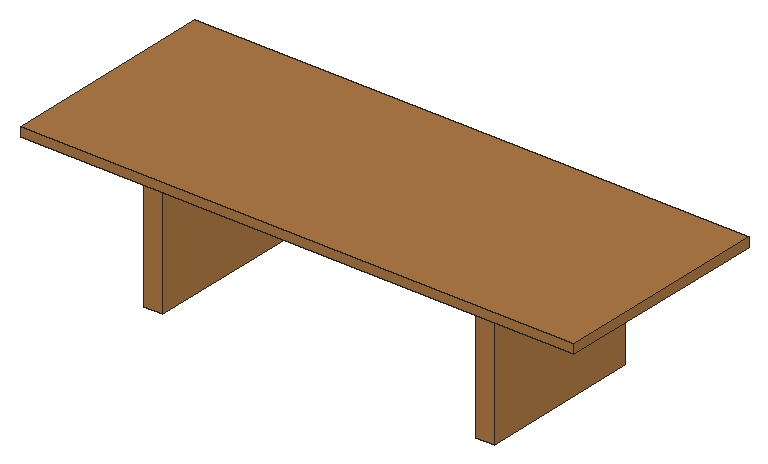
Revit family
Parameters (values of type "1200 x 3050mm")
  Keynote = "N"
  Assembly Code = ""
  Description = "Seating 10-12"
  Material = Wood - Cherry
  Height = 760 mm
  Length = 3050 mm
  Width = 1200 mm
Types (3, lengths in mm): name | Length
  (no name) | 3050
  1200 x 3050mm | 3050
  1200 x 2500mm | 2500
Reference planes
  plane 1 "Center F/B": y = 0
  plane 2: z = 0
  plane 3 "Center L/R": x = 0
  plane 4: x = -915.4
  plane 5: x = -1525
  plane 6: x = 915.4
  plane 7: x = 1525
  plane 8: y = -600
  plane 9: y = 600
  plane 10: y = 447.6
  plane 11: y = -447.6
Forms (mm)
  Extrusion 1, solid, material "Wood - Cherry" <- "Material"
    sketch origin (0, 0, 0) x (1, 0, 0) y (0, 1, 0)
      loop
        line (-1525, -600) -> (1525, -600) -> (1525, 600) -> (-1525, 600) -> (-1525, -600)
    from 709.2 to 760
  Extrusion 2, solid, material "Wood - Cherry" <- "Material"
    sketch origin (0, 0, 0) x (1, 0, 0) y (0, 1, 0)
      loop
        line (-966.2, -447.6) -> (-864.6, -447.6) -> (-864.6, 447.6) -> (-966.2, 447.6) -> (-966.2, -447.6)
      loop
        line (864.6, -447.6) -> (966.2, -447.6) -> (966.2, 447.6) -> (864.6, 447.6) -> (864.6, -447.6)
    from 0 to 709.2
  Extrusion 3, solid, material "Wood - Cherry" <- "Material"
    sketch origin (0, 0, 0) x (1, 0, 0) y (0, 1, 0)
      loop
        line (-864.6, 447.6) -> (-864.6, 409.5) -> (864.6, 409.5) -> (864.6, 447.6) -> (-864.6, 447.6)
      loop
        line (-864.6, -447.6) -> (864.6, -447.6) -> (864.6, -409.5) -> (-864.6, -409.5) -> (-864.6, -447.6)
    from 607.6 to 709.2
Lines and regions (mm)
  Masking region 1
    outline origin (0, 0, 0) x (1, 0, 0) y (0, 1, 0)
      loop
        line (-1525, 600) -> (-1525, -600) -> (1525, -600) -> (1525, 600) -> (-1525, 600)
  symbolic lines
    curve 1: line (1525, 600, 0) -> (-1525, 600, 0)
    curve 2: line (1525, -600, 0) -> (1525, 600, 0)
    curve 3: line (-1525, -600, 0) -> (1525, -600, 0)
    curve 4: line (-1525, 600, 0) -> (-1525, -600, 0)
Dimensions and locks
  "Length": plane 5 to plane 7
  locked: plane 5 to plane 4 at 609.6
  locked: plane 6 to plane 7 at 609.6
  equal spacing: plane 4, plane 3 "Center L/R", plane 6
  "Width": plane 9 to plane 8
  locked: plane 11 to plane 8 at 152.4
  locked: plane 10 to plane 9 at 152.4
  equal spacing: plane 10, plane 1 "Center F/B", plane 11
  "Height": Extrusion 1 to plane 2
  locked: Extrusion 1 to Extrusion 1 at 50.8
  locked: Extrusion 3 to Extrusion 3 at 101.6  (x2)
  aligned and locked: Extrusion 2 to Extrusion 1
  aligned and locked: Extrusion 3 to Extrusion 1
  aligned and locked: curve 1 to Extrusion 1
  aligned and locked: curve 2 to Extrusion 1
  aligned and locked: curve 3 to Extrusion 1
  aligned and locked: curve 4 to Extrusion 1
  aligned: plane 5 to Masking region 1 sketch curve
  aligned: Masking region 1 sketch curve to plane 7
Automatic sketch dimensions
  Masking region 1 sketch curve to plane 5 = 0 mm
  Masking region 1 sketch curve to plane 7 = 0 mm
  Masking region 1 sketch curve to plane 8 = 0 mm
  Masking region 1 sketch curve to plane 9 = 0 mm
